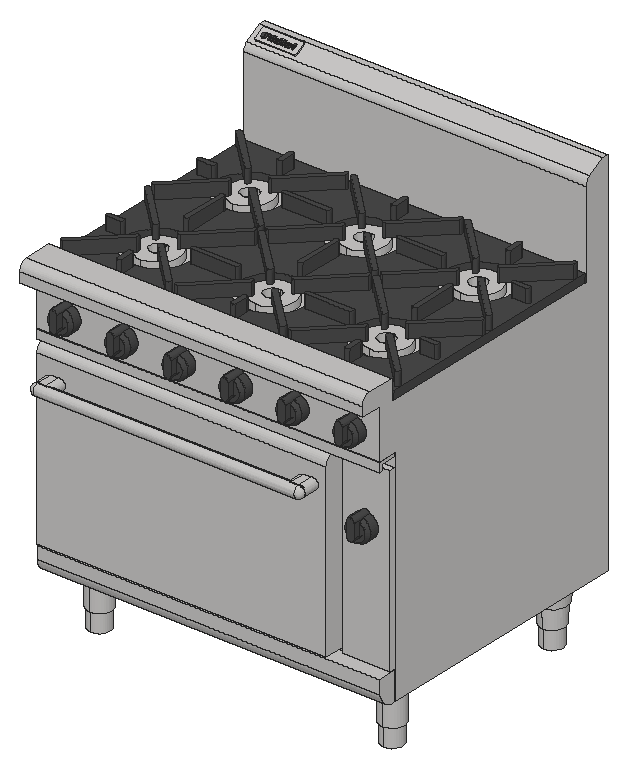
Revit family "QF_MOFFAT WALDORF_RN8610GC", category Specialty Equipment, Revit 2012
Parameters
  Width = 900 mm
  Weight in Pounds = 212
  Watts = 130 W
  Volts = 240 V
  URL Cutsheet = "www.moffat.com"
  URL = "www.moffat.com"
  Type Mark [instance] = ""
  Status [instance] = ""
  Specification by User [instance] = ""
  Specification by Manufacturer = ""
  Show Logo [instance] = yes
  Show Clearance [instance] = yes
  Serial Number = ""
  Seismic Rating = ""
  SMACNA No = ""
  Revision Code [instance] = ""
  Plumbing Remarks = ""
  Plumbing Connection Type [instance] = ""
  Phase = 1
  Omniclass Number and Title = ""
  Number of Poles [instance] = 1
  NAFEM Spec ID Number = ""
  Model = "RN8610GC"
  Min Ckt Ampacity = 0 A
  Mechanical Remarks = ""
  Mechanical Connection Type [instance] = ""
  Max Overcurrent Protection = 0 A
  Masterspec = ""
  Manufacturer = "MOFFAT WALDORF"
  Item Number [instance] = ""
  Installed By [instance] = ""
  Identify Quantity as Lot [instance] = yes
  Height = 1130 mm
  HP = ""
  Gas Size = 3/4"
  Gas RI Height [instance] = 0 mm
  Gas KW [instance] = 55
  Gas Input [instance] = 187668.0 Btu/h
  Gas Connection Height = 0 mm
  Furnished By [instance] = ""
  Foodservice Equipment Identifier [instance] = yes
  FL Amps = 0.6 A
  Electrical Remarks [instance] = ""
  Electric Connection Type [instance] = ""
  Elec Conn RI Height [instance] = 0 mm
  Elec Conn Connection Height [instance] = 0 mm
  Description = "RANGE GAS WITH CONVECTION OVEN"
  Depth = 805 mm
  Cycle = 50 Hz
  Conn Plug = ""
  Conn Conduit = yes
  Cold Water Temperature Recommended = -459.67 °F
  Cold Water Size = 1/2"
  Cold Water RI Height [instance] = 0 mm
  Cold Water Minimum Pressure = 0.00 psi
  Cold Water Maximum Pressure = 0.00 psi
  Cold Water Flow = 0 GPM
  Cold Water Consumption = ""
  Cold Water Connection Height = 0 mm
  CSI MasterFormat = ""
  CSI Master Format = ""
  Body Finish = QF_Finishes_Stainless Steel
  Apparent Power = 0 VA
Reference planes
  plane 1 "BACK": y = 0
  plane 2: z = 0
  plane 3 "LEFT": x = 0
  plane 4 "RIGHT": x = 900
  plane 5 "FRONT": y = -805
  plane 6 "TOP": z = 1130
  plane 7 "Center Y": x = 450
  plane 8 "Center X": y = -402.5
  plane 9: x = 280
  plane 10: y = -574.272
  plane 11: x = 60
  plane 12: y = -304.972
  plane 13: y = -364.972
  plane 14: x = 74
  plane 15: y = -805
  plane 16: x = 834.5
  plane 17: y = -32
  plane 18: z = 655
  plane 19: x = 65.8
Forms (mm)
  Extrusion 1, solid, material "QF_Finishes_Stainless Steel" <- "Body Finish"
    sketch origin (0, 0, 0) x (0, 1, 0) y (0, 0, 1)
      loop
        line (0, 150) -> (0, 1130) -> (-16.5, 1130) -> (-58.709, 1105.631)
        arc (-58.709, 1105.631) -> (-66.975, 1097.365) -> (-70, 1086.074) r 22.582
        line (-70, 1086.074) -> (-70, 861.8) -> (-709, 861.8) -> (-709, 915) -> (-781, 915)
        arc (-781, 915) -> (-797.971, 907.971) -> (-805, 891) r 24
        line (-805, 891) -> (-805, 866) -> (-749, 866) -> (-749, 736.219) -> (-696.73, 736.219) -> (-696.73, 150) -> (0, 150)
      loop
        line (-700.93, 150.071) -> (-700.93, 222.5) -> (-746.73, 222.5) -> (-746.73, 188)
        arc (-746.73, 188) -> (-731.317, 159.995) -> (-700.93, 150.071) r 43.526
      loop
        line (-749, 710) -> (-740.224, 710) -> (-742.613, 726.999) -> (-700.93, 726.999) -> (-700.93, 734.003) -> (-749, 734.003) -> (-749, 710)
    from 0 to 900
  Extrusion 2, solid, material "QF_Finishes_Stainless Steel"
    sketch origin (0, 0, 0) x (0, 1, 0) y (0, 0, 1)
      loop
        line (-699, 700) -> (-725, 700)
        arc (-725, 700) -> (-741.971, 692.971) -> (-749, 676) r 24
        line (-749, 676) -> (-749, 227.5) -> (-699, 227.5) -> (-699, 700)
    from 0 to 760
  Extrusion 3, solid, material "QF_Finishes_Stainless Steel"
    sketch origin (723.5, 0, 0) x (0, 1, 0) y (0, 0, 1)
      loop
        line (-699, 700) -> (-714, 700) -> (-714, 227.5) -> (-699, 227.5) -> (-699, 700)
    from 51.5 to 176.5
  Revolve 4, solid, material "QF_Finishes_Stainless Steel" <- "Body Finish"
    sketch origin (834.5, -165, 0) x (0, 1, 0) y (0, 0, -1)
      loop
        line (33.25, -50) -> (31.418, -102.468) -> (26.406, -102.468) -> (22.247, -150) -> (65, -150) -> (65, 0) -> (37.5, 0) -> (37.5, -50) -> (33.25, -50)
      axis (65, -150) -> (65, 0)
    angle from 0 to 360
  Revolve 5, solid, material "QF_Finishes_Stainless Steel" <- "Body Finish"
    sketch origin (834.5, -696.126, 0) x (0, 1, 0) y (0, 0, -1)
      loop
        line (39.376, -150) -> (71.126, -150) -> (71.126, 0) -> (43.626, 0) -> (43.626, -50) -> (39.376, -50) -> (39.376, -150)
      axis (71.126, -150) -> (71.126, 0)
    angle from 0 to 360
  Revolve 6, solid, material "QF_Finishes_Stainless Steel" <- "Body Finish"
    sketch origin (65.5, -165, 0) x (0, 1, 0) y (0, 0, 1)
      loop
        line (31.418, 102.468) -> (33.25, 50) -> (37.5, 50) -> (37.5, 0) -> (65, 0) -> (65, 150) -> (22.247, 150) -> (26.406, 102.468) -> (31.418, 102.468)
      axis (65, 150) -> (65, 0)
    angle from 0 to 360
  Revolve 7, solid, material "QF_Finishes_Stainless Steel" <- "Body Finish"
    sketch origin (65.5, -696.126, 0) x (0, 1, 0) y (0, 0, 1)
      loop
        line (39.376, 150) -> (39.376, 50) -> (43.626, 50) -> (43.626, 0) -> (71.126, 0) -> (71.126, 150) -> (39.376, 150)
      axis (71.126, 150) -> (71.126, 0)
    angle from 0 to 360
  Extrusion 8, solid, material "QF_Finishes_Stainless Steel"
    sketch origin (-64.5, 0, 325) x (1, 0, 0) y (0, 1, 0)
      loop
        circle (834.5, -32) r 10
    from 330 to 373.5
  Extrusion 9, solid, material "QF_Finishes_Black"
    sketch origin (0, -70, 861.8) x (0, -1, 0) y (1, 0, 0)
      loop
        arc (1, 4) -> (1.879, 1.879) -> (4, 1) r 3
        line (4, 1) -> (631, 1)
        arc (631, 1) -> (633.121, 1.879) -> (634, 4) r 3
        line (634, 4) -> (634, 897)
        arc (634, 897) -> (633.121, 899.121) -> (631, 900) r 3
        line (631, 900) -> (4, 900)
        arc (4, 900) -> (1.879, 899.121) -> (1, 897) r 3
        line (1, 897) -> (1, 4)
      loop
        circle (167.5, 150) r 85
      loop
        circle (167.5, 450) r 85
      loop
        circle (467.768, 150) r 85
      loop
        circle (467.768, 450) r 85
      loop
        circle (167.5, 750) r 85
      loop
        circle (467.768, 750) r 85
    from 0 to 19.5
  Extrusion 10, solid, material "QF_Finishes_Stainless Steel"
    sketch origin (0, -737.874, 150) x (1, 0, 0) y (0, -1, 0)
      loop
        circle (826.5, -237.602) r 10
    from 0 to 4
  Revolve 11, solid, material "QF_Finishes_Black"
    sketch origin (839.351, 38.874, -0.118) x (0, 1, 0) y (0, 0, 1)
      loop
        line (-820.874, 829.5) -> (-831.874, 823.651) -> (-831.874, 797) -> (-787.874, 797) -> (-787.874, 802) -> (-797.874, 802) -> (-797.874, 829.5) -> (-820.874, 829.5)
      axis (-831.874, 797) -> (-787.874, 797)
    angle from 0 to 360
  Revolve 12, solid, material "QF_Finishes_Black"
    sketch origin (689.351, 38.874, -0.118) x (0, 1, 0) y (0, 0, 1)
      loop
        line (-820.874, 829.5) -> (-831.874, 823.651) -> (-831.874, 797) -> (-787.874, 797) -> (-787.874, 802) -> (-797.874, 802) -> (-797.874, 829.5) -> (-820.874, 829.5)
      axis (-831.874, 797) -> (-787.874, 797)
    angle from 0 to 360
  Revolve 13, solid, material "QF_Finishes_Black"
    sketch origin (90.649, 38.874, -0.118) x (0, 1, 0) y (0, 0, -1)
      loop
        line (-820.874, -829.5) -> (-797.874, -829.5) -> (-797.874, -802) -> (-787.874, -802) -> (-787.874, -797) -> (-831.874, -797) -> (-831.874, -823.651) -> (-820.874, -829.5)
      axis (-831.874, -797) -> (-787.874, -797)
    angle from 0 to 360
  Revolve 14, solid, material "QF_Finishes_Black"
    sketch origin (240.649, 38.874, -0.118) x (0, 1, 0) y (0, 0, -1)
      loop
        line (-820.874, -829.5) -> (-797.874, -829.5) -> (-797.874, -802) -> (-787.874, -802) -> (-787.874, -797) -> (-831.874, -797) -> (-831.874, -823.651) -> (-820.874, -829.5)
      axis (-831.874, -797) -> (-787.874, -797)
    angle from 0 to 360
  Revolve 15, solid, material "QF_Finishes_Black"
    sketch origin (390.625, 38.874, -0.118) x (0, 1, 0) y (0, 0, -1)
      loop
        line (-820.874, -829.5) -> (-797.874, -829.5) -> (-797.874, -802) -> (-787.874, -802) -> (-787.874, -797) -> (-831.874, -797) -> (-831.874, -823.651) -> (-820.874, -829.5)
      axis (-831.874, -797) -> (-787.874, -797)
    angle from 0 to 360
  Revolve 16, solid, material "QF_Finishes_Black"
    sketch origin (540.625, 38.874, -0.118) x (0, 1, 0) y (0, 0, -1)
      loop
        line (-820.874, -829.5) -> (-797.874, -829.5) -> (-797.874, -802) -> (-787.874, -802) -> (-787.874, -797) -> (-831.874, -797) -> (-831.874, -823.651) -> (-820.874, -829.5)
      axis (-831.874, -797) -> (-787.874, -797)
    angle from 0 to 360
  Extrusion 17, solid, material "QF_Finishes_Black"
    sketch origin (691.544, 0, -0.118) x (1, 0, 0) y (0, 0, 1)
      loop
        line (158.3, 789) -> (158.3, 824)
        arc (158.3, 824) -> (148.3, 834) -> (138.3, 824) r 10
        line (138.3, 824) -> (138.3, 789)
        arc (138.3, 789) -> (148.3, 779) -> (158.3, 789) r 10
    from 759 to 808
  Extrusion 18, solid, material "QF_Finishes_Black"
    sketch origin (541.544, 0, -0.118) x (1, 0, 0) y (0, 0, 1)
      loop
        line (158.3, 789) -> (158.3, 824)
        arc (158.3, 824) -> (148.3, 834) -> (138.3, 824) r 10
        line (138.3, 824) -> (138.3, 789)
        arc (138.3, 789) -> (148.3, 779) -> (158.3, 789) r 10
    from 759 to 808
  Extrusion 19, solid, material "QF_Finishes_Black"
    sketch origin (238.456, 0, -0.118) x (-1, 0, 0) y (0, 0, -1)
      loop
        arc (158.3, -789) -> (148.3, -779) -> (138.3, -789) r 10
        line (138.3, -789) -> (138.3, -824)
        arc (138.3, -824) -> (148.3, -834) -> (158.3, -824) r 10
        line (158.3, -824) -> (158.3, -789)
    from 759 to 808
  Extrusion 20, solid, material "QF_Finishes_Black"
    sketch origin (388.456, 0, -0.118) x (-1, 0, 0) y (0, 0, -1)
      loop
        arc (158.3, -789) -> (148.3, -779) -> (138.3, -789) r 10
        line (138.3, -789) -> (138.3, -824)
        arc (138.3, -824) -> (148.3, -834) -> (158.3, -824) r 10
        line (158.3, -824) -> (158.3, -789)
    from 759 to 808
  Extrusion 21, solid, material "QF_Finishes_Black"
    sketch origin (538.432, 0, -0.118) x (-1, 0, 0) y (0, 0, -1)
      loop
        arc (158.3, -789) -> (148.3, -779) -> (138.3, -789) r 10
        line (138.3, -789) -> (138.3, -824)
        arc (138.3, -824) -> (148.3, -834) -> (158.3, -824) r 10
        line (158.3, -824) -> (158.3, -789)
    from 759 to 808
  Extrusion 22, solid, material "QF_Finishes_Black"
    sketch origin (688.432, 0, -0.118) x (-1, 0, 0) y (0, 0, -1)
      loop
        arc (158.3, -789) -> (148.3, -779) -> (138.3, -789) r 10
        line (138.3, -789) -> (138.3, -824)
        arc (138.3, -824) -> (148.3, -834) -> (158.3, -824) r 10
        line (158.3, -824) -> (158.3, -789)
    from 759 to 808
  Revolve 23, solid, material "QF_Finishes_Black"
    sketch origin (836.851, 81.374, -245.75) x (0, 1, 0) y (0, 0, 1)
      loop
        line (-820.874, 829.5) -> (-831.874, 823.651) -> (-831.874, 797) -> (-787.874, 797) -> (-787.874, 802) -> (-797.874, 802) -> (-797.874, 829.5) -> (-820.874, 829.5)
      axis (-831.874, 797) -> (-787.874, 797)
    angle from 0 to 360
  Extrusion 24, solid, material "QF_Finishes_Black"
    sketch origin (689.044, 42.5, -245.75) x (1, 0, 0) y (0, 0, 1)
      loop
        line (158.3, 789) -> (158.3, 824)
        arc (158.3, 824) -> (148.3, 834) -> (138.3, 824) r 10
        line (138.3, 824) -> (138.3, 789)
        arc (138.3, 789) -> (148.3, 779) -> (158.3, 789) r 10
    from 759 to 808
  Extrusion 25, solid, material "QF_Door-Drawer Clearances", visible <- "Show Clearance", detail levels coarse
    sketch origin (0, 0, 0) x (0, -1, 0) y (0, 0, 1)
      loop
        line (749, 697.347) -> (749, 227.5) -> (1218.847, 227.5)
        arc (1218.847, 227.5) -> (1081.232, 559.732) -> (749, 697.347) r 469.847
    from 0 to -760
  Extrusion 26, solid, material "QF_Finishes_Black"
    sketch origin (0, -70, 0) x (0, -1, 0) y (1, 0, 0)
      loop
        spline (323.602, 15.153) -> (322.681, 13.924) -> (322.131, 12.47) -> (321.99, 10.89) -> (322.267, 9.292) -> (322.943, 7.786) -> (323.973, 6.473) -> (325.286, 5.443) -> (326.792, 4.767) -> (328.39, 4.49) -> (329.97, 4.631) -> (331.424, 5.181) -> (332.653, 6.102)
        line (332.653, 6.102) -> (440.576, 114.025)
        spline (440.576, 114.025) -> (441.337, 115.095) -> (441.738, 116.399) -> (441.751, 117.851) -> (441.375, 119.35) -> (440.637, 120.795) -> (439.586, 122.086) -> (438.295, 123.137) -> (436.85, 123.875) -> (435.351, 124.251) -> (433.899, 124.238) -> (432.595, 123.837) -> (431.525, 123.076)
        line (431.525, 123.076) -> (323.602, 15.153)
      loop
        line (611.398, 15.153) -> (503.475, 123.076)
        spline (503.475, 123.076) -> (502.405, 123.837) -> (501.101, 124.238) -> (499.649, 124.251) -> (498.15, 123.875) -> (496.705, 123.137) -> (495.414, 122.086) -> (494.363, 120.795) -> (493.625, 119.35) -> (493.249, 117.851) -> (493.262, 116.399) -> (493.663, 115.095) -> (494.424, 114.025)
        line (494.424, 114.025) -> (602.347, 6.102)
        spline (602.347, 6.102) -> (603.416, 5.341) -> (604.721, 4.941) -> (606.172, 4.928) -> (607.671, 5.303) -> (609.116, 6.041) -> (610.408, 7.092) -> (611.459, 8.384) -> (612.197, 9.829) -> (612.572, 11.328) -> (612.559, 12.779) -> (612.159, 14.084) -> (611.398, 15.153)
      loop
        spline (375.602, 143.6) -> (376.896, 143.818) -> (378.102, 144.457) -> (379.138, 145.475) -> (379.932, 146.8) -> (380.432, 148.344) -> (380.602, 150) -> (380.432, 151.656) -> (379.932, 153.2) -> (379.138, 154.525) -> (378.102, 155.543) -> (376.896, 156.182) -> (375.602, 156.4)
        line (375.602, 156.4) -> (259.398, 156.4)
        spline (259.398, 156.4) -> (258.104, 156.182) -> (256.898, 155.543) -> (255.862, 154.525) -> (255.068, 153.2) -> (254.568, 151.656) -> (254.398, 150) -> (254.568, 148.344) -> (255.068, 146.8) -> (255.862, 145.475) -> (256.898, 144.457) -> (258.104, 143.818) -> (259.398, 143.6)
        line (259.398, 143.6) -> (375.602, 143.6)
      loop
        spline (23.602, 15.153) -> (22.681, 13.924) -> (22.131, 12.47) -> (21.99, 10.89) -> (22.267, 9.292) -> (22.943, 7.786) -> (23.973, 6.473) -> (25.286, 5.443) -> (26.792, 4.767) -> (28.39, 4.49) -> (29.97, 4.631) -> (31.424, 5.181) -> (32.653, 6.102)
        line (32.653, 6.102) -> (140.576, 114.025)
        spline (140.576, 114.025) -> (141.337, 115.095) -> (141.738, 116.399) -> (141.751, 117.851) -> (141.375, 119.35) -> (140.637, 120.795) -> (139.586, 122.086) -> (138.295, 123.137) -> (136.85, 123.875) -> (135.351, 124.251) -> (133.899, 124.238) -> (132.595, 123.837) -> (131.525, 123.076)
        line (131.525, 123.076) -> (23.602, 15.153)
      loop
        line (311.398, 15.153) -> (203.475, 123.076)
        spline (203.475, 123.076) -> (202.405, 123.837) -> (201.101, 124.238) -> (199.649, 124.251) -> (198.15, 123.875) -> (196.705, 123.137) -> (195.414, 122.086) -> (194.363, 120.795) -> (193.625, 119.35) -> (193.249, 117.851) -> (193.262, 116.399) -> (193.663, 115.095) -> (194.424, 114.025)
        line (194.424, 114.025) -> (302.347, 6.102)
        spline (302.347, 6.102) -> (303.416, 5.341) -> (304.721, 4.941) -> (306.172, 4.928) -> (307.671, 5.303) -> (309.116, 6.041) -> (310.408, 7.092) -> (311.459, 8.384) -> (312.197, 9.829) -> (312.572, 11.328) -> (312.559, 12.779) -> (312.159, 14.084) -> (311.398, 15.153)
      loop
        line (323.602, 284.847) -> (431.525, 176.924)
        spline (431.525, 176.924) -> (432.595, 176.163) -> (433.899, 175.762) -> (435.351, 175.749) -> (436.85, 176.125) -> (438.295, 176.863) -> (439.586, 177.914) -> (440.637, 179.205) -> (441.375, 180.65) -> (441.751, 182.149) -> (441.738, 183.601) -> (441.337, 184.905) -> (440.576, 185.975)
        line (440.576, 185.975) -> (332.653, 293.898)
        spline (332.653, 293.898) -> (331.424, 294.819) -> (329.97, 295.369) -> (328.39, 295.51) -> (326.792, 295.233) -> (325.286, 294.557) -> (323.973, 293.527) -> (322.943, 292.214) -> (322.267, 290.708) -> (321.99, 289.11) -> (322.131, 287.53) -> (322.681, 286.076) -> (323.602, 284.847)
      loop
        spline (611.398, 284.847) -> (612.159, 285.916) -> (612.559, 287.221) -> (612.572, 288.672) -> (612.197, 290.171) -> (611.459, 291.616) -> (610.408, 292.908) -> (609.116, 293.959) -> (607.671, 294.697) -> (606.172, 295.072) -> (604.721, 295.059) -> (603.416, 294.659) -> (602.347, 293.898)
        line (602.347, 293.898) -> (494.424, 185.975)
        spline (494.424, 185.975) -> (493.663, 184.905) -> (493.262, 183.601) -> (493.249, 182.149) -> (493.625, 180.65) -> (494.363, 179.205) -> (495.414, 177.914) -> (496.705, 176.863) -> (498.15, 176.125) -> (499.649, 175.749) -> (501.101, 175.762) -> (502.405, 176.163) -> (503.475, 176.924)
        line (503.475, 176.924) -> (611.398, 284.847)
      loop
        spline (461.1, 241.898) -> (461.318, 240.604) -> (461.957, 239.398) -> (462.975, 238.362) -> (464.3, 237.568) -> (465.844, 237.068) -> (467.5, 236.898) -> (469.156, 237.068) -> (470.7, 237.568) -> (472.025, 238.362) -> (473.043, 239.398) -> (473.682, 240.604) -> (473.9, 241.898)
        line (473.9, 241.898) -> (473.9, 358.102)
        spline (473.9, 358.102) -> (473.682, 359.396) -> (473.043, 360.602) -> (472.025, 361.638) -> (470.7, 362.432) -> (469.156, 362.932) -> (467.5, 363.102) -> (465.844, 362.932) -> (464.3, 362.432) -> (462.975, 361.638) -> (461.957, 360.602) -> (461.318, 359.396) -> (461.1, 358.102)
        line (461.1, 358.102) -> (461.1, 241.898)
      loop
        line (23.602, 284.847) -> (131.525, 176.924)
        spline (131.525, 176.924) -> (132.595, 176.163) -> (133.899, 175.762) -> (135.351, 175.749) -> (136.85, 176.125) -> (138.295, 176.863) -> (139.586, 177.914) -> (140.637, 179.205) -> (141.375, 180.65) -> (141.751, 182.149) -> (141.738, 183.601) -> (141.337, 184.905) -> (140.576, 185.975)
        line (140.576, 185.975) -> (32.653, 293.898)
        spline (32.653, 293.898) -> (31.424, 294.819) -> (29.97, 295.369) -> (28.39, 295.51) -> (26.792, 295.233) -> (25.286, 294.557) -> (23.973, 293.527) -> (22.943, 292.214) -> (22.267, 290.708) -> (21.99, 289.11) -> (22.131, 287.53) -> (22.681, 286.076) -> (23.602, 284.847)
      loop
        spline (311.398, 284.847) -> (312.159, 285.916) -> (312.559, 287.221) -> (312.572, 288.672) -> (312.197, 290.171) -> (311.459, 291.616) -> (310.408, 292.908) -> (309.116, 293.959) -> (307.671, 294.697) -> (306.172, 295.072) -> (304.721, 295.059) -> (303.416, 294.659) -> (302.347, 293.898)
        line (302.347, 293.898) -> (194.424, 185.975)
        spline (194.424, 185.975) -> (193.663, 184.905) -> (193.262, 183.601) -> (193.249, 182.149) -> (193.625, 180.65) -> (194.363, 179.205) -> (195.414, 177.914) -> (196.705, 176.863) -> (198.15, 176.125) -> (199.649, 175.749) -> (201.101, 175.762) -> (202.405, 176.163) -> (203.475, 176.924)
        line (203.475, 176.924) -> (311.398, 284.847)
      loop
        spline (161.1, 241.898) -> (161.318, 240.604) -> (161.957, 239.398) -> (162.975, 238.362) -> (164.3, 237.568) -> (165.844, 237.068) -> (167.5, 236.898) -> (169.156, 237.068) -> (170.7, 237.568) -> (172.025, 238.362) -> (173.043, 239.398) -> (173.682, 240.604) -> (173.9, 241.898)
        line (173.9, 241.898) -> (173.9, 358.102)
        spline (173.9, 358.102) -> (173.682, 359.396) -> (173.043, 360.602) -> (172.025, 361.638) -> (170.7, 362.432) -> (169.156, 362.932) -> (167.5, 363.102) -> (165.844, 362.932) -> (164.3, 362.432) -> (162.975, 361.638) -> (161.957, 360.602) -> (161.318, 359.396) -> (161.1, 358.102)
        line (161.1, 358.102) -> (161.1, 241.898)
      loop
        line (375.602, 456.4) -> (259.398, 456.4)
        spline (259.398, 456.4) -> (258.104, 456.182) -> (256.898, 455.543) -> (255.862, 454.525) -> (255.068, 453.2) -> (254.568, 451.656) -> (254.398, 450) -> (254.568, 448.344) -> (255.068, 446.8) -> (255.862, 445.475) -> (256.898, 444.457) -> (258.104, 443.818) -> (259.398, 443.6)
        line (259.398, 443.6) -> (375.602, 443.6)
        spline (375.602, 443.6) -> (376.896, 443.818) -> (378.102, 444.457) -> (379.138, 445.475) -> (379.932, 446.8) -> (380.432, 448.344) -> (380.602, 450) -> (380.432, 451.656) -> (379.932, 453.2) -> (379.138, 454.525) -> (378.102, 455.543) -> (376.896, 456.182) -> (375.602, 456.4)
      loop
        spline (323.602, 315.153) -> (322.681, 313.924) -> (322.131, 312.47) -> (321.99, 310.89) -> (322.267, 309.292) -> (322.943, 307.786) -> (323.973, 306.473) -> (325.286, 305.443) -> (326.792, 304.767) -> (328.39, 304.49) -> (329.97, 304.631) -> (331.424, 305.181) -> (332.653, 306.102)
        line (332.653, 306.102) -> (440.576, 414.025)
        spline (440.576, 414.025) -> (441.337, 415.095) -> (441.738, 416.399) -> (441.751, 417.851) -> (441.375, 419.35) -> (440.637, 420.795) -> (439.586, 422.086) -> (438.295, 423.137) -> (436.85, 423.875) -> (435.351, 424.251) -> (433.899, 424.238) -> (432.595, 423.837) -> (431.525, 423.076)
        line (431.525, 423.076) -> (323.602, 315.153)
      loop
        line (611.398, 315.153) -> (503.475, 423.076)
        spline (503.475, 423.076) -> (502.405, 423.837) -> (501.101, 424.238) -> (499.649, 424.251) -> (498.15, 423.875) -> (496.705, 423.137) -> (495.414, 422.086) -> (494.363, 420.795) -> (493.625, 419.35) -> (493.249, 417.851) -> (493.262, 416.399) -> (493.663, 415.095) -> (494.424, 414.025)
        line (494.424, 414.025) -> (602.347, 306.102)
        spline (602.347, 306.102) -> (603.416, 305.341) -> (604.721, 304.941) -> (606.172, 304.928) -> (607.671, 305.303) -> (609.116, 306.041) -> (610.408, 307.092) -> (611.459, 308.384) -> (612.197, 309.829) -> (612.572, 311.328) -> (612.559, 312.779) -> (612.159, 314.084) -> (611.398, 315.153)
      loop
        spline (23.602, 315.153) -> (22.681, 313.924) -> (22.131, 312.47) -> (21.99, 310.89) -> (22.267, 309.292) -> (22.943, 307.786) -> (23.973, 306.473) -> (25.286, 305.443) -> (26.792, 304.767) -> (28.39, 304.49) -> (29.97, 304.631) -> (31.424, 305.181) -> (32.653, 306.102)
        line (32.653, 306.102) -> (140.576, 414.025)
        spline (140.576, 414.025) -> (141.337, 415.095) -> (141.738, 416.399) -> (141.751, 417.851) -> (141.375, 419.35) -> (140.637, 420.795) -> (139.586, 422.086) -> (138.295, 423.137) -> (136.85, 423.875) -> (135.351, 424.251) -> (133.899, 424.238) -> (132.595, 423.837) -> (131.525, 423.076)
        line (131.525, 423.076) -> (23.602, 315.153)
      loop
        line (311.398, 315.153) -> (203.475, 423.076)
        spline (203.475, 423.076) -> (202.405, 423.837) -> (201.101, 424.238) -> (199.649, 424.251) -> (198.15, 423.875) -> (196.705, 423.137) -> (195.414, 422.086) -> (194.363, 420.795) -> (193.625, 419.35) -> (193.249, 417.851) -> (193.262, 416.399) -> (193.663, 415.095) -> (194.424, 414.025)
        line (194.424, 414.025) -> (302.347, 306.102)
        spline (302.347, 306.102) -> (303.416, 305.341) -> (304.721, 304.941) -> (306.172, 304.928) -> (307.671, 305.303) -> (309.116, 306.041) -> (310.408, 307.092) -> (311.459, 308.384) -> (312.197, 309.829) -> (312.572, 311.328) -> (312.559, 312.779) -> (312.159, 314.084) -> (311.398, 315.153)
      loop
        line (323.602, 584.847) -> (431.525, 476.924)
        spline (431.525, 476.924) -> (432.595, 476.163) -> (433.899, 475.762) -> (435.351, 475.749) -> (436.85, 476.125) -> (438.295, 476.863) -> (439.586, 477.914) -> (440.637, 479.205) -> (441.375, 480.65) -> (441.751, 482.149) -> (441.738, 483.601) -> (441.337, 484.905) -> (440.576, 485.975)
        line (440.576, 485.975) -> (332.653, 593.898)
        spline (332.653, 593.898) -> (331.424, 594.819) -> (329.97, 595.369) -> (328.39, 595.51) -> (326.792, 595.233) -> (325.286, 594.557) -> (323.973, 593.527) -> (322.943, 592.214) -> (322.267, 590.708) -> (321.99, 589.11) -> (322.131, 587.53) -> (322.681, 586.076) -> (323.602, 584.847)
      loop
        spline (611.398, 584.847) -> (612.159, 585.916) -> (612.559, 587.221) -> (612.572, 588.672) -> (612.197, 590.171) -> (611.459, 591.616) -> (610.408, 592.908) -> (609.116, 593.959) -> (607.671, 594.697) -> (606.172, 595.072) -> (604.721, 595.059) -> (603.416, 594.659) -> (602.347, 593.898)
        line (602.347, 593.898) -> (494.424, 485.975)
        spline (494.424, 485.975) -> (493.663, 484.905) -> (493.262, 483.601) -> (493.249, 482.149) -> (493.625, 480.65) -> (494.363, 479.205) -> (495.414, 477.914) -> (496.705, 476.863) -> (498.15, 476.125) -> (499.649, 475.749) -> (501.101, 475.762) -> (502.405, 476.163) -> (503.475, 476.924)
        line (503.475, 476.924) -> (611.398, 584.847)
      loop
        line (23.602, 584.847) -> (131.525, 476.924)
        spline (131.525, 476.924) -> (132.595, 476.163) -> (133.899, 475.762) -> (135.351, 475.749) -> (136.85, 476.125) -> (138.295, 476.863) -> (139.586, 477.914) -> (140.637, 479.205) -> (141.375, 480.65) -> (141.751, 482.149) -> (141.738, 483.601) -> (141.337, 484.905) -> (140.576, 485.975)
        line (140.576, 485.975) -> (32.653, 593.898)
        spline (32.653, 593.898) -> (31.424, 594.819) -> (29.97, 595.369) -> (28.39, 595.51) -> (26.792, 595.233) -> (25.286, 594.557) -> (23.973, 593.527) -> (22.943, 592.214) -> (22.267, 590.708) -> (21.99, 589.11) -> (22.131, 587.53) -> (22.681, 586.076) -> (23.602, 584.847)
      loop
        spline (311.398, 584.847) -> (312.159, 585.916) -> (312.559, 587.221) -> (312.572, 588.672) -> (312.197, 590.171) -> (311.459, 591.616) -> (310.408, 592.908) -> (309.116, 593.959) -> (307.671, 594.697) -> (306.172, 595.072) -> (304.721, 595.059) -> (303.416, 594.659) -> (302.347, 593.898)
        line (302.347, 593.898) -> (194.424, 485.975)
        spline (194.424, 485.975) -> (193.663, 484.905) -> (193.262, 483.601) -> (193.249, 482.149) -> (193.625, 480.65) -> (194.363, 479.205) -> (195.414, 477.914) -> (196.705, 476.863) -> (198.15, 476.125) -> (199.649, 475.749) -> (201.101, 475.762) -> (202.405, 476.163) -> (203.475, 476.924)
        line (203.475, 476.924) -> (311.398, 584.847)
      loop
        spline (461.1, 541.898) -> (461.318, 540.604) -> (461.957, 539.398) -> (462.975, 538.362) -> (464.3, 537.568) -> (465.844, 537.068) -> (467.5, 536.898) -> (469.156, 537.068) -> (470.7, 537.568) -> (472.025, 538.362) -> (473.043, 539.398) -> (473.682, 540.604) -> (473.9, 541.898)
        line (473.9, 541.898) -> (473.9, 658.102)
        spline (473.9, 658.102) -> (473.682, 659.396) -> (473.043, 660.602) -> (472.025, 661.638) -> (470.7, 662.432) -> (469.156, 662.932) -> (467.5, 663.102) -> (465.844, 662.932) -> (464.3, 662.432) -> (462.975, 661.638) -> (461.957, 660.602) -> (461.318, 659.396) -> (461.1, 658.102)
        line (461.1, 658.102) -> (461.1, 541.898)
      loop
        spline (161.1, 541.898) -> (161.318, 540.604) -> (161.957, 539.398) -> (162.975, 538.362) -> (164.3, 537.568) -> (165.844, 537.068) -> (167.5, 536.898) -> (169.156, 537.068) -> (170.7, 537.568) -> (172.025, 538.362) -> (173.043, 539.398) -> (173.682, 540.604) -> (173.9, 541.898)
        line (173.9, 541.898) -> (173.9, 658.102)
        spline (173.9, 658.102) -> (173.682, 659.396) -> (173.043, 660.602) -> (172.025, 661.638) -> (170.7, 662.432) -> (169.156, 662.932) -> (167.5, 663.102) -> (165.844, 662.932) -> (164.3, 662.432) -> (162.975, 661.638) -> (161.957, 660.602) -> (161.318, 659.396) -> (161.1, 658.102)
        line (161.1, 658.102) -> (161.1, 541.898)
      loop
        line (375.602, 756.4) -> (259.398, 756.4)
        spline (259.398, 756.4) -> (258.104, 756.182) -> (256.898, 755.543) -> (255.862, 754.525) -> (255.068, 753.2) -> (254.568, 751.656) -> (254.398, 750) -> (254.568, 748.344) -> (255.068, 746.8) -> (255.862, 745.475) -> (256.898, 744.457) -> (258.104, 743.818) -> (259.398, 743.6)
        line (259.398, 743.6) -> (375.602, 743.6)
        spline (375.602, 743.6) -> (376.896, 743.818) -> (378.102, 744.457) -> (379.138, 745.475) -> (379.932, 746.8) -> (380.432, 748.344) -> (380.602, 750) -> (380.432, 751.656) -> (379.932, 753.2) -> (379.138, 754.525) -> (378.102, 755.543) -> (376.896, 756.182) -> (375.602, 756.4)
      loop
        spline (323.602, 615.153) -> (322.681, 613.924) -> (322.131, 612.47) -> (321.99, 610.89) -> (322.267, 609.292) -> (322.943, 607.786) -> (323.973, 606.473) -> (325.286, 605.443) -> (326.792, 604.767) -> (328.39, 604.49) -> (329.97, 604.631) -> (331.424, 605.181) -> (332.653, 606.102)
        line (332.653, 606.102) -> (440.576, 714.025)
        spline (440.576, 714.025) -> (441.337, 715.095) -> (441.738, 716.399) -> (441.751, 717.851) -> (441.375, 719.35) -> (440.637, 720.795) -> (439.586, 722.086) -> (438.295, 723.137) -> (436.85, 723.875) -> (435.351, 724.251) -> (433.899, 724.238) -> (432.595, 723.837) -> (431.525, 723.076)
        line (431.525, 723.076) -> (323.602, 615.153)
      loop
        line (611.398, 615.153) -> (503.475, 723.076)
        spline (503.475, 723.076) -> (502.405, 723.837) -> (501.101, 724.238) -> (499.649, 724.251) -> (498.15, 723.875) -> (496.705, 723.137) -> (495.414, 722.086) -> (494.363, 720.795) -> (493.625, 719.35) -> (493.249, 717.851) -> (493.262, 716.399) -> (493.663, 715.095) -> (494.424, 714.025)
        line (494.424, 714.025) -> (602.347, 606.102)
        spline (602.347, 606.102) -> (603.416, 605.341) -> (604.721, 604.941) -> (606.172, 604.928) -> (607.671, 605.303) -> (609.116, 606.041) -> (610.408, 607.092) -> (611.459, 608.384) -> (612.197, 609.829) -> (612.572, 611.328) -> (612.559, 612.779) -> (612.159, 614.084) -> (611.398, 615.153)
      loop
        spline (23.602, 615.153) -> (22.681, 613.924) -> (22.131, 612.47) -> (21.99, 610.89) -> (22.267, 609.292) -> (22.943, 607.786) -> (23.973, 606.473) -> (25.286, 605.443) -> (26.792, 604.767) -> (28.39, 604.49) -> (29.97, 604.631) -> (31.424, 605.181) -> (32.653, 606.102)
        line (32.653, 606.102) -> (140.576, 714.025)
        spline (140.576, 714.025) -> (141.337, 715.095) -> (141.738, 716.399) -> (141.751, 717.851) -> (141.375, 719.35) -> (140.637, 720.795) -> (139.586, 722.086) -> (138.295, 723.137) -> (136.85, 723.875) -> (135.351, 724.251) -> (133.899, 724.238) -> (132.595, 723.837) -> (131.525, 723.076)
        line (131.525, 723.076) -> (23.602, 615.153)
      loop
        line (311.398, 615.153) -> (203.475, 723.076)
        spline (203.475, 723.076) -> (202.405, 723.837) -> (201.101, 724.238) -> (199.649, 724.251) -> (198.15, 723.875) -> (196.705, 723.137) -> (195.414, 722.086) -> (194.363, 720.795) -> (193.625, 719.35) -> (193.249, 717.851) -> (193.262, 716.399) -> (193.663, 715.095) -> (194.424, 714.025)
        line (194.424, 714.025) -> (302.347, 606.102)
        spline (302.347, 606.102) -> (303.416, 605.341) -> (304.721, 604.941) -> (306.172, 604.928) -> (307.671, 605.303) -> (309.116, 606.041) -> (310.408, 607.092) -> (311.459, 608.384) -> (312.197, 609.829) -> (312.572, 611.328) -> (312.559, 612.779) -> (312.159, 614.084) -> (311.398, 615.153)
      loop
        line (323.602, 884.847) -> (431.525, 776.924)
        spline (431.525, 776.924) -> (432.595, 776.163) -> (433.899, 775.762) -> (435.351, 775.749) -> (436.85, 776.125) -> (438.295, 776.863) -> (439.586, 777.914) -> (440.637, 779.205) -> (441.375, 780.65) -> (441.751, 782.149) -> (441.738, 783.601) -> (441.337, 784.905) -> (440.576, 785.975)
        line (440.576, 785.975) -> (332.653, 893.898)
        spline (332.653, 893.898) -> (331.424, 894.819) -> (329.97, 895.369) -> (328.39, 895.51) -> (326.792, 895.233) -> (325.286, 894.557) -> (323.973, 893.527) -> (322.943, 892.214) -> (322.267, 890.708) -> (321.99, 889.11) -> (322.131, 887.53) -> (322.681, 886.076) -> (323.602, 884.847)
      loop
        spline (611.398, 884.847) -> (612.159, 885.916) -> (612.559, 887.221) -> (612.572, 888.672) -> (612.197, 890.171) -> (611.459, 891.616) -> (610.408, 892.908) -> (609.116, 893.959) -> (607.671, 894.697) -> (606.172, 895.072) -> (604.721, 895.059) -> (603.416, 894.659) -> (602.347, 893.898)
        line (602.347, 893.898) -> (494.424, 785.975)
        spline (494.424, 785.975) -> (493.663, 784.905) -> (493.262, 783.601) -> (493.249, 782.149) -> (493.625, 780.65) -> (494.363, 779.205) -> (495.414, 777.914) -> (496.705, 776.863) -> (498.15, 776.125) -> (499.649, 775.749) -> (501.101, 775.762) -> (502.405, 776.163) -> (503.475, 776.924)
        line (503.475, 776.924) -> (611.398, 884.847)
      loop
        line (23.602, 884.847) -> (131.525, 776.924)
        spline (131.525, 776.924) -> (132.595, 776.163) -> (133.899, 775.762) -> (135.351, 775.749) -> (136.85, 776.125) -> (138.295, 776.863) -> (139.586, 777.914) -> (140.637, 779.205) -> (141.375, 780.65) -> (141.751, 782.149) -> (141.738, 783.601) -> (141.337, 784.905) -> (140.576, 785.975)
        line (140.576, 785.975) -> (32.653, 893.898)
        spline (32.653, 893.898) -> (31.424, 894.819) -> (29.97, 895.369) -> (28.39, 895.51) -> (26.792, 895.233) -> (25.286, 894.557) -> (23.973, 893.527) -> (22.943, 892.214) -> (22.267, 890.708) -> (21.99, 889.11) -> (22.131, 887.53) -> (22.681, 886.076) -> (23.602, 884.847)
      loop
        spline (311.398, 884.847) -> (312.159, 885.916) -> (312.559, 887.221) -> (312.572, 888.672) -> (312.197, 890.171) -> (311.459, 891.616) -> (310.408, 892.908) -> (309.116, 893.959) -> (307.671, 894.697) -> (306.172, 895.072) -> (304.721, 895.059) -> (303.416, 894.659) -> (302.347, 893.898)
        line (302.347, 893.898) -> (194.424, 785.975)
        spline (194.424, 785.975) -> (193.663, 784.905) -> (193.262, 783.601) -> (193.249, 782.149) -> (193.625, 780.65) -> (194.363, 779.205) -> (195.414, 777.914) -> (196.705, 776.863) -> (198.15, 776.125) -> (199.649, 775.749) -> (201.101, 775.762) -> (202.405, 776.163) -> (203.475, 776.924)
        line (203.475, 776.924) -> (311.398, 884.847)
      loop
        spline (461.1, 19.118) -> (461.318, 17.824) -> (461.957, 16.618) -> (462.975, 15.582) -> (464.3, 14.788) -> (465.844, 14.288) -> (467.5, 14.118) -> (469.156, 14.288) -> (470.7, 14.788) -> (472.025, 15.582) -> (473.043, 16.618) -> (473.682, 17.824) -> (473.9, 19.118)
        line (473.9, 19.118) -> (473.9, 55.322)
        spline (473.9, 55.322) -> (473.682, 56.616) -> (473.043, 57.822) -> (472.025, 58.858) -> (470.7, 59.652) -> (469.156, 60.152) -> (467.5, 60.322) -> (465.844, 60.152) -> (464.3, 59.652) -> (462.975, 58.858) -> (461.957, 57.822) -> (461.318, 56.616) -> (461.1, 55.322)
        line (461.1, 55.322) -> (461.1, 19.118)
      loop
        spline (161.1, 19.118) -> (161.318, 17.824) -> (161.957, 16.618) -> (162.975, 15.582) -> (164.3, 14.788) -> (165.844, 14.288) -> (167.5, 14.118) -> (169.156, 14.288) -> (170.7, 14.788) -> (172.025, 15.582) -> (173.043, 16.618) -> (173.682, 17.824) -> (173.9, 19.118)
        line (173.9, 19.118) -> (173.9, 55.322)
        spline (173.9, 55.322) -> (173.682, 56.616) -> (173.043, 57.822) -> (172.025, 58.858) -> (170.7, 59.652) -> (169.156, 60.152) -> (167.5, 60.322) -> (165.844, 60.152) -> (164.3, 59.652) -> (162.975, 58.858) -> (161.957, 57.822) -> (161.318, 56.616) -> (161.1, 55.322)
        line (161.1, 55.322) -> (161.1, 19.118)
      loop
        spline (461.1, 844.678) -> (461.318, 843.384) -> (461.957, 842.178) -> (462.975, 841.142) -> (464.3, 840.348) -> (465.844, 839.848) -> (467.5, 839.678) -> (469.156, 839.848) -> (470.7, 840.348) -> (472.025, 841.142) -> (473.043, 842.178) -> (473.682, 843.384) -> (473.9, 844.678)
        line (473.9, 844.678) -> (473.9, 880.882)
        spline (473.9, 880.882) -> (473.682, 882.176) -> (473.043, 883.382) -> (472.025, 884.418) -> (470.7, 885.212) -> (469.156, 885.712) -> (467.5, 885.882) -> (465.844, 885.712) -> (464.3, 885.212) -> (462.975, 884.418) -> (461.957, 883.382) -> (461.318, 882.176) -> (461.1, 880.882)
        line (461.1, 880.882) -> (461.1, 844.678)
      loop
        spline (161.1, 844.678) -> (161.318, 843.384) -> (161.957, 842.178) -> (162.975, 841.142) -> (164.3, 840.348) -> (165.844, 839.848) -> (167.5, 839.678) -> (169.156, 839.848) -> (170.7, 840.348) -> (172.025, 841.142) -> (173.043, 842.178) -> (173.682, 843.384) -> (173.9, 844.678)
        line (173.9, 844.678) -> (173.9, 880.882)
        spline (173.9, 880.882) -> (173.682, 882.176) -> (173.043, 883.382) -> (172.025, 884.418) -> (170.7, 885.212) -> (169.156, 885.712) -> (167.5, 885.882) -> (165.844, 885.712) -> (164.3, 885.212) -> (162.975, 884.418) -> (161.957, 883.382) -> (161.318, 882.176) -> (161.1, 880.882)
        line (161.1, 880.882) -> (161.1, 844.678)
      loop
        spline (68.743, 743.565) -> (70.037, 743.783) -> (71.243, 744.423) -> (72.279, 745.44) -> (73.073, 746.765) -> (73.573, 748.309) -> (73.743, 749.965) -> (73.573, 751.622) -> (73.073, 753.165) -> (72.279, 754.491) -> (71.243, 755.508) -> (70.037, 756.147) -> (68.743, 756.365)
        line (68.743, 756.365) -> (32.539, 756.365)
        spline (32.539, 756.365) -> (31.245, 756.147) -> (30.039, 755.508) -> (29.003, 754.491) -> (28.209, 753.165) -> (27.709, 751.622) -> (27.539, 749.965) -> (27.709, 748.309) -> (28.209, 746.765) -> (29.003, 745.44) -> (30.039, 744.423) -> (31.245, 743.783) -> (32.539, 743.565)
        line (32.539, 743.565) -> (68.743, 743.565)
      loop
        spline (68.743, 443.565) -> (70.037, 443.783) -> (71.243, 444.423) -> (72.279, 445.44) -> (73.073, 446.765) -> (73.573, 448.309) -> (73.743, 449.965) -> (73.573, 451.622) -> (73.073, 453.165) -> (72.279, 454.491) -> (71.243, 455.508) -> (70.037, 456.147) -> (68.743, 456.365)
        line (68.743, 456.365) -> (32.539, 456.365)
        spline (32.539, 456.365) -> (31.245, 456.147) -> (30.039, 455.508) -> (29.003, 454.491) -> (28.209, 453.165) -> (27.709, 451.622) -> (27.539, 449.965) -> (27.709, 448.309) -> (28.209, 446.765) -> (29.003, 445.44) -> (30.039, 444.423) -> (31.245, 443.783) -> (32.539, 443.565)
        line (32.539, 443.565) -> (68.743, 443.565)
      loop
        spline (68.743, 143.565) -> (70.037, 143.783) -> (71.243, 144.423) -> (72.279, 145.44) -> (73.073, 146.765) -> (73.573, 148.309) -> (73.743, 149.965) -> (73.573, 151.622) -> (73.073, 153.165) -> (72.279, 154.491) -> (71.243, 155.508) -> (70.037, 156.147) -> (68.743, 156.365)
        line (68.743, 156.365) -> (32.539, 156.365)
        spline (32.539, 156.365) -> (31.245, 156.147) -> (30.039, 155.508) -> (29.003, 154.491) -> (28.209, 153.165) -> (27.709, 151.622) -> (27.539, 149.965) -> (27.709, 148.309) -> (28.209, 146.765) -> (29.003, 145.44) -> (30.039, 144.423) -> (31.245, 143.783) -> (32.539, 143.565)
        line (32.539, 143.565) -> (68.743, 143.565)
      loop
        spline (596.243, 743.565) -> (597.537, 743.783) -> (598.743, 744.423) -> (599.779, 745.44) -> (600.573, 746.765) -> (601.073, 748.309) -> (601.243, 749.965) -> (601.073, 751.622) -> (600.573, 753.165) -> (599.779, 754.491) -> (598.743, 755.508) -> (597.537, 756.147) -> (596.243, 756.365)
        line (596.243, 756.365) -> (560.039, 756.365)
        spline (560.039, 756.365) -> (558.745, 756.147) -> (557.539, 755.508) -> (556.503, 754.491) -> (555.709, 753.165) -> (555.209, 751.622) -> (555.039, 749.965) -> (555.209, 748.309) -> (555.709, 746.765) -> (556.503, 745.44) -> (557.539, 744.423) -> (558.745, 743.783) -> (560.039, 743.565)
        line (560.039, 743.565) -> (596.243, 743.565)
      loop
        spline (596.243, 443.565) -> (597.537, 443.783) -> (598.743, 444.423) -> (599.779, 445.44) -> (600.573, 446.765) -> (601.073, 448.309) -> (601.243, 449.965) -> (601.073, 451.622) -> (600.573, 453.165) -> (599.779, 454.491) -> (598.743, 455.508) -> (597.537, 456.147) -> (596.243, 456.365)
        line (596.243, 456.365) -> (560.039, 456.365)
        spline (560.039, 456.365) -> (558.745, 456.147) -> (557.539, 455.508) -> (556.503, 454.491) -> (555.709, 453.165) -> (555.209, 451.622) -> (555.039, 449.965) -> (555.209, 448.309) -> (555.709, 446.765) -> (556.503, 445.44) -> (557.539, 444.423) -> (558.745, 443.783) -> (560.039, 443.565)
        line (560.039, 443.565) -> (596.243, 443.565)
      loop
        spline (596.243, 143.565) -> (597.537, 143.783) -> (598.743, 144.423) -> (599.779, 145.44) -> (600.573, 146.765) -> (601.073, 148.309) -> (601.243, 149.965) -> (601.073, 151.622) -> (600.573, 153.165) -> (599.779, 154.491) -> (598.743, 155.508) -> (597.537, 156.147) -> (596.243, 156.365)
        line (596.243, 156.365) -> (560.039, 156.365)
        spline (560.039, 156.365) -> (558.745, 156.147) -> (557.539, 155.508) -> (556.503, 154.491) -> (555.709, 153.165) -> (555.209, 151.622) -> (555.039, 149.965) -> (555.209, 148.309) -> (555.709, 146.765) -> (556.503, 145.44) -> (557.539, 144.423) -> (558.745, 143.783) -> (560.039, 143.565)
        line (560.039, 143.565) -> (596.243, 143.565)
    from 881.3 to 915
  Extrusion 27, void
    sketch origin (0, 0, 222.5) x (1, 0, 0) y (0, 1, 0)
      loop
        line (824, -87) -> (824, 0) -> (694, 0) -> (694, -39) -> (744, -87) -> (824, -87)
    from 0 to 476
  Extrusion 28, solid, material "QF_Finishes_Stainless Steel"
    sketch origin (0, -70, 861.8) x (0, -1, 0) y (1, 0, 0)
      loop
        circle (167.5, 450) r 57
      loop
        circle (467.5, 450) r 57
      loop
        circle (467.5, 150) r 57
      loop
        circle (167.5, 150) r 57
      loop
        circle (467.5, 750) r 57
      loop
        circle (167.5, 750) r 57
      loop
        circle (167.5, 150) r 22
      loop
        circle (167.5, 450) r 22
      loop
        circle (167.5, 750) r 22
      loop
        circle (467.5, 150) r 22
      loop
        circle (467.5, 450) r 22
      loop
        circle (467.5, 750) r 22
    from 0 to 19.5
  Extrusion 29, solid, material "QF_Finishes_Stainless Steel"
    sketch origin (0, -749, 227.5) x (0, 0, 1) y (-1, 0, 0)
      loop
        line (380.625, -38.246) -> (380.625, -58.528)
        arc (380.625, -58.528) -> (395.625, -73.528) -> (410.625, -58.528) r 15
        line (410.625, -58.528) -> (410.625, -38.246)
        arc (410.625, -38.246) -> (395.625, -23.246) -> (380.625, -38.246) r 15
      loop
        arc (380.625, -723.039) -> (395.625, -738.039) -> (410.625, -723.039) r 15
        line (410.625, -723.039) -> (410.625, -702.757)
        arc (410.625, -702.757) -> (395.625, -687.757) -> (380.625, -702.757) r 15
        line (380.625, -702.757) -> (380.625, -723.039)
    from 0 to 44
  Revolve 30, solid, material "QF_Finishes_Stainless Steel"
    sketch origin (0, -793, 0) x (1, 0, 0) y (0, 0, 1)
      loop
        arc (738.039, 623.125) -> (733.646, 633.732) -> (723.039, 638.125) r 15
        line (723.039, 638.125) -> (38.246, 638.125)
        arc (38.246, 638.125) -> (27.64, 633.732) -> (23.246, 623.125) r 15
        line (23.246, 623.125) -> (738.039, 623.125)
      axis (738.039, 623.125) -> (23.246, 623.125)
    angle from 0 to 360
Cuts and joins
  Extrusion 27 cuts Extrusion 1
Lines and regions (mm)
  Split face 1
    outline origin (0, -16.5, 1130) x (0, -0.866025, -0.5) y (1, 0, 0)
      loop
        line (1.962, 129.583) -> (34.599, 129.583) -> (34.599, 149.583) -> (1.962, 149.583) -> (1.962, 129.583)
  Split face 2
    outline origin (0, -16.5, 1130) x (0, -0.866025, -0.5) y (1, 0, 0)
      loop
        line (34.599, 156.5) -> (34.599, 176.5) -> (1.962, 176.5) -> (1.962, 156.5) -> (34.599, 156.5)
  Split face 3
    outline origin (0, -16.5, 1130) x (0, -0.866025, -0.5) y (1, 0, 0)
      loop
        line (34.599, 203.5) -> (1.962, 203.5) -> (1.962, 183.5) -> (34.599, 183.5) -> (34.599, 203.5)
  Split face 4
    outline origin (0, -16.5, 1130) x (0, -0.866025, -0.5) y (1, 0, 0)
      loop
        line (34.599, 230.5) -> (1.962, 230.5) -> (1.962, 210.5) -> (34.599, 210.5) -> (34.599, 230.5)
  Split face 5
    outline origin (0, -16.5, 1130) x (0, -0.866025, -0.5) y (1, 0, 0)
      loop
        line (34.599, 257.5) -> (1.962, 257.5) -> (1.962, 237.5) -> (34.599, 237.5) -> (34.599, 257.5)
  Split face 6
    outline origin (0, -16.5, 1130) x (0, -0.866025, -0.5) y (1, 0, 0)
      loop
        line (34.599, 264.5) -> (34.599, 284.5) -> (1.962, 284.5) -> (1.962, 264.5) -> (34.599, 264.5)
  Split face 7
    outline origin (0, -16.5, 1130) x (0, -0.866025, -0.5) y (1, 0, 0)
      loop
        line (34.599, 311.5) -> (1.962, 311.5) -> (1.962, 291.5) -> (34.599, 291.5) -> (34.599, 311.5)
  Split face 8
    outline origin (0, -16.5, 1130) x (0, -0.866025, -0.5) y (1, 0, 0)
      loop
        line (1.962, 638.5) -> (1.962, 618.5) -> (34.599, 618.5) -> (34.599, 638.5) -> (1.962, 638.5)
  Split face 9
    outline origin (0, -16.5, 1130) x (0, -0.866025, -0.5) y (1, 0, 0)
      loop
        line (1.962, 645.5) -> (34.599, 645.5) -> (34.599, 665.5) -> (1.962, 665.5) -> (1.962, 645.5)
  Split face 10
    outline origin (0, -16.5, 1130) x (0, -0.866025, -0.5) y (1, 0, 0)
      loop
        line (34.599, 672.5) -> (34.599, 692.5) -> (1.962, 692.5) -> (1.962, 672.5) -> (34.599, 672.5)
  Split face 11
    outline origin (0, -16.5, 1130) x (0, -0.866025, -0.5) y (1, 0, 0)
      loop
        line (34.599, 699.5) -> (34.599, 719.5) -> (1.962, 719.5) -> (1.962, 699.5) -> (34.599, 699.5)
  Split face 12
    outline origin (0, -16.5, 1130) x (0, -0.866025, -0.5) y (1, 0, 0)
      loop
        line (34.599, 726.5) -> (34.599, 746.5) -> (1.962, 746.5) -> (1.962, 726.5) -> (34.599, 726.5)
  Split face 13
    outline origin (0, -16.5, 1130) x (0, -0.866025, -0.5) y (1, 0, 0)
      loop
        line (1.962, 753.5) -> (34.599, 753.5) -> (34.599, 773.5) -> (1.962, 773.5) -> (1.962, 753.5)
  Split face 14
    outline origin (29.312, -16.5, 1130) x (0, -0.866025, -0.5) y (1, 0, 0)
      loop
        line (34.599, 311.5) -> (1.962, 311.5) -> (1.962, 291.5) -> (34.599, 291.5) -> (34.599, 311.5)
  Split face 15
    outline origin (58.539, -16.5, 1130) x (0, -0.866025, -0.5) y (1, 0, 0)
      loop
        line (34.599, 311.5) -> (1.962, 311.5) -> (1.962, 291.5) -> (34.599, 291.5) -> (34.599, 311.5)
  Split face 16
    outline origin (85.538, -16.5, 1130) x (0, -0.866025, -0.5) y (1, 0, 0)
      loop
        line (34.599, 311.5) -> (1.962, 311.5) -> (1.962, 291.5) -> (34.599, 291.5) -> (34.599, 311.5)
  Split face 17
    outline origin (111.014, -16.5, 1130) x (0, -0.866025, -0.5) y (1, 0, 0)
      loop
        line (34.599, 311.5) -> (1.962, 311.5) -> (1.962, 291.5) -> (34.599, 291.5) -> (34.599, 311.5)
  Split face 18
    outline origin (137.462, -16.5, 1130) x (0, -0.866025, -0.5) y (1, 0, 0)
      loop
        line (34.599, 311.5) -> (1.962, 311.5) -> (1.962, 291.5) -> (34.599, 291.5) -> (34.599, 311.5)
  Split face 19
    outline origin (163.546, -16.5, 1130) x (0, -0.866025, -0.5) y (1, 0, 0)
      loop
        line (34.599, 311.5) -> (1.962, 311.5) -> (1.962, 291.5) -> (34.599, 291.5) -> (34.599, 311.5)
  Split face 20
    outline origin (189.443, -16.5, 1130) x (0, -0.866025, -0.5) y (1, 0, 0)
      loop
        line (34.599, 311.5) -> (1.962, 311.5) -> (1.962, 291.5) -> (34.599, 291.5) -> (34.599, 311.5)
  Split face 21
    outline origin (215.891, -16.5, 1130) x (0, -0.866025, -0.5) y (1, 0, 0)
      loop
        line (34.599, 311.5) -> (1.962, 311.5) -> (1.962, 291.5) -> (34.599, 291.5) -> (34.599, 311.5)
  Split face 22
    outline origin (246.196, -16.5, 1130) x (0, -0.866025, -0.5) y (1, 0, 0)
      loop
        line (34.599, 311.5) -> (1.962, 311.5) -> (1.962, 291.5) -> (34.599, 291.5) -> (34.599, 311.5)
  Split face 23
    outline origin (274.297, -16.5, 1130) x (0, -0.866025, -0.5) y (1, 0, 0)
      loop
        line (34.599, 311.5) -> (1.962, 311.5) -> (1.962, 291.5) -> (34.599, 291.5) -> (34.599, 311.5)
  Split face 24
    outline origin (299.643, -16.5, 1130) x (0, -0.866025, -0.5) y (1, 0, 0)
      loop
        line (34.599, 311.5) -> (1.962, 311.5) -> (1.962, 291.5) -> (34.599, 291.5) -> (34.599, 311.5)
  symbolic lines
    curve 1: line (0, 0, 0) -> (0, -805, 0)
    curve 2: line (900, 0, 0) -> (0, 0, 0)
    curve 3: line (900, -805, 0) -> (900, 0, 0)
    curve 4: line (0, -70, 0) -> (900, -70, 0)
    curve 5: line (12.5, -51.234, 0) -> (12.5, -20.958, 0)
    curve 6: line (12.5, -20.958, 0) -> (121.5, -20.958, 0)
    curve 7: line (12.5, -51.234, 0) -> (121.5, -51.234, 0)
    curve 8: line (121.5, -20.958, 0) -> (121.5, -51.234, 0)
    curve 9: line (129.583, -22.262, 0) -> (129.583, -50.526, 0)
    curve 10: line (129.583, -50.526, 0) -> (149.583, -50.526, 0)
    curve 11: line (149.583, -50.526, 0) -> (149.583, -22.262, 0)
    curve 12: line (149.583, -22.262, 0) -> (129.583, -22.262, 0)
    curve 13: line (156.5, -22.262, 0) -> (156.5, -50.526, 0)
    curve 14: line (156.5, -50.526, 0) -> (176.5, -50.526, 0)
    curve 15: line (176.5, -50.526, 0) -> (176.5, -22.262, 0)
    curve 16: line (176.5, -22.262, 0) -> (156.5, -22.262, 0)
    curve 17: line (183.5, -22.262, 0) -> (183.5, -50.526, 0)
    curve 18: line (183.5, -50.526, 0) -> (203.5, -50.526, 0)
    curve 19: line (203.5, -50.526, 0) -> (203.5, -22.262, 0)
    curve 20: line (203.5, -22.262, 0) -> (183.5, -22.262, 0)
    curve 21: line (210.5, -22.262, 0) -> (210.5, -50.526, 0)
    curve 22: line (210.5, -50.526, 0) -> (230.5, -50.526, 0)
    curve 23: line (230.5, -50.526, 0) -> (230.5, -22.262, 0)
    curve 24: line (230.5, -22.262, 0) -> (210.5, -22.262, 0)
    curve 25: line (900, -805, 0) -> (0, -805, 0)
    curve 26: line (237.5, -22.262, 0) -> (237.5, -50.526, 0)
    curve 27: line (237.5, -50.526, 0) -> (257.5, -50.526, 0)
    curve 28: line (257.5, -50.526, 0) -> (257.5, -22.262, 0)
    curve 29: line (257.5, -22.262, 0) -> (237.5, -22.262, 0)
    curve 30: line (264.417, -22.262, 0) -> (264.417, -50.526, 0)
    curve 31: line (264.417, -50.526, 0) -> (284.417, -50.526, 0)
    curve 32: line (284.417, -50.526, 0) -> (284.417, -22.262, 0)
    curve 33: line (284.417, -22.262, 0) -> (264.417, -22.262, 0)
    curve 34: line (291.417, -22.262, 0) -> (291.417, -50.526, 0)
    curve 35: line (291.417, -50.526, 0) -> (311.417, -50.526, 0)
    curve 36: line (311.417, -50.526, 0) -> (311.417, -22.262, 0)
    curve 37: line (311.417, -22.262, 0) -> (291.417, -22.262, 0)
    curve 38: line (318.417, -22.262, 0) -> (318.417, -50.526, 0)
    curve 39: line (318.417, -50.526, 0) -> (338.417, -50.526, 0)
    curve 40: line (338.417, -50.526, 0) -> (338.417, -22.262, 0)
    curve 41: line (338.417, -22.262, 0) -> (318.417, -22.262, 0)
    curve 42: line (350.039, -22.262, 0) -> (350.039, -50.526, 0)
    curve 43: line (350.039, -50.526, 0) -> (370.039, -50.526, 0)
    curve 44: line (370.039, -50.526, 0) -> (370.039, -22.262, 0)
    curve 45: line (370.039, -22.262, 0) -> (350.039, -22.262, 0)
    curve 46: line (376.956, -22.262, 0) -> (376.956, -50.526, 0)
    curve 47: line (376.956, -50.526, 0) -> (396.956, -50.526, 0)
    curve 48: line (396.956, -50.526, 0) -> (396.956, -22.262, 0)
    curve 49: line (396.956, -22.262, 0) -> (376.956, -22.262, 0)
    curve 50: line (403.956, -22.262, 0) -> (403.956, -50.526, 0)
    curve 51: line (403.956, -50.526, 0) -> (423.956, -50.526, 0)
    curve 52: line (423.956, -50.526, 0) -> (423.956, -22.262, 0)
    curve 53: line (423.956, -22.262, 0) -> (403.956, -22.262, 0)
    curve 54: line (430.956, -22.262, 0) -> (430.956, -50.526, 0)
    curve 55: line (430.956, -50.526, 0) -> (450.956, -50.526, 0)
    curve 56: line (450.956, -50.526, 0) -> (450.956, -22.262, 0)
    curve 57: line (450.956, -22.262, 0) -> (430.956, -22.262, 0)
    curve 58: line (457.956, -22.262, 0) -> (457.956, -50.526, 0)
    curve 59: line (457.956, -50.526, 0) -> (477.956, -50.526, 0)
    curve 60: line (477.956, -50.526, 0) -> (477.956, -22.262, 0)
    curve 61: line (477.956, -22.262, 0) -> (457.956, -22.262, 0)
    curve 62: line (484.872, -22.262, 0) -> (484.872, -50.526, 0)
    curve 63: line (484.872, -50.526, 0) -> (504.872, -50.526, 0)
    curve 64: line (504.872, -50.526, 0) -> (504.872, -22.262, 0)
    curve 65: line (504.872, -22.262, 0) -> (484.872, -22.262, 0)
    curve 66: line (511.872, -22.262, 0) -> (511.872, -50.526, 0)
    curve 67: line (511.872, -50.526, 0) -> (531.872, -50.526, 0)
    curve 68: line (531.872, -50.526, 0) -> (531.872, -22.262, 0)
    curve 69: line (531.872, -22.262, 0) -> (511.872, -22.262, 0)
    curve 70: line (538.872, -22.262, 0) -> (538.872, -50.526, 0)
    curve 71: line (538.872, -50.526, 0) -> (558.872, -50.526, 0)
    curve 72: line (558.872, -50.526, 0) -> (558.872, -22.262, 0)
    curve 73: line (558.872, -22.262, 0) -> (538.872, -22.262, 0)
    curve 74: line (565.797, -22.262, 0) -> (565.797, -50.526, 0)
    curve 75: line (565.797, -50.526, 0) -> (585.797, -50.526, 0)
    curve 76: line (585.797, -50.526, 0) -> (585.797, -22.262, 0)
    curve 77: line (585.797, -22.262, 0) -> (565.797, -22.262, 0)
    curve 78: line (592.714, -22.262, 0) -> (592.714, -50.526, 0)
    curve 79: line (592.714, -50.526, 0) -> (612.714, -50.526, 0)
    curve 80: line (612.714, -50.526, 0) -> (612.714, -22.262, 0)
    curve 81: line (612.714, -22.262, 0) -> (592.714, -22.262, 0)
    curve 82: line (619.714, -22.262, 0) -> (619.714, -50.526, 0)
    curve 83: line (619.714, -50.526, 0) -> (639.714, -50.526, 0)
    curve 84: line (639.714, -50.526, 0) -> (639.714, -22.262, 0)
    curve 85: line (639.714, -22.262, 0) -> (619.714, -22.262, 0)
    curve 86: line (646.714, -22.262, 0) -> (646.714, -50.526, 0)
    curve 87: line (646.714, -50.526, 0) -> (666.714, -50.526, 0)
    curve 88: line (666.714, -50.526, 0) -> (666.714, -22.262, 0)
    curve 89: line (666.714, -22.262, 0) -> (646.714, -22.262, 0)
    curve 90: line (673.714, -22.262, 0) -> (673.714, -50.526, 0)
    curve 91: line (673.714, -50.526, 0) -> (693.714, -50.526, 0)
    curve 92: line (693.714, -50.526, 0) -> (693.714, -22.262, 0)
    curve 93: line (693.714, -22.262, 0) -> (673.714, -22.262, 0)
    curve 94: line (700.631, -22.262, 0) -> (700.631, -50.526, 0)
    curve 95: line (700.631, -50.526, 0) -> (720.631, -50.526, 0)
    curve 96: line (720.631, -50.526, 0) -> (720.631, -22.262, 0)
    curve 97: line (720.631, -22.262, 0) -> (700.631, -22.262, 0)
    curve 98: line (727.631, -22.262, 0) -> (727.631, -50.526, 0)
    curve 99: line (727.631, -50.526, 0) -> (747.631, -50.526, 0)
    curve 100: line (747.631, -50.526, 0) -> (747.631, -22.262, 0)
    curve 101: line (747.631, -22.262, 0) -> (727.631, -22.262, 0)
    curve 102: line (754.631, -22.262, 0) -> (754.631, -50.526, 0)
    curve 103: line (754.631, -50.526, 0) -> (774.631, -50.526, 0)
    curve 104: line (774.631, -50.526, 0) -> (774.631, -22.262, 0)
    curve 105: line (774.631, -22.262, 0) -> (754.631, -22.262, 0)
    curve 106: line (900, -709, 0) -> (0, -709, 0)
    curve 107: line (0, -705.7, 0) -> (900, -705.7, 0)
    curve 108: line (900, -72.734, 0) -> (0, -72.734, 0)
    curve 109: arc (22.65, -805, 0) -> (34.104, -815.278, 0) -> (48.889, -819.544, 0) r 34.455
    curve 110: line (48.889, -819.544, 0) -> (721.858, -819.544, 0)
    curve 111: arc (721.858, -819.544, 0) -> (736.403, -815.647, 0) -> (747.05, -805, 0) r 29.089
    curve 112: line (893.92, -94.387, 0) -> (778.485, -209.822, 0)
    curve 113: line (6.08, -94.387, 0) -> (121.515, -209.822, 0)
    curve 114: line (293.92, -94.387, 0) -> (178.485, -209.822, 0)
    curve 115: line (606.08, -94.387, 0) -> (721.515, -209.822, 0)
    curve 116: line (593.92, -94.387, 0) -> (478.485, -209.822, 0)
    curve 117: line (306.08, -94.387, 0) -> (421.515, -209.822, 0)
    curve 118: line (893.92, -380.613, 0) -> (778.485, -265.178, 0)
    curve 119: line (6.08, -380.613, 0) -> (121.515, -265.178, 0)
    curve 120: line (293.92, -380.613, 0) -> (178.485, -265.178, 0)
    curve 121: line (606.08, -380.613, 0) -> (721.515, -265.178, 0)
    curve 122: line (593.92, -380.613, 0) -> (478.485, -265.178, 0)
    curve 123: line (306.08, -380.613, 0) -> (421.515, -265.178, 0)
    curve 124: line (362.78, -237.81, 0) -> (237.78, -237.81, 0)
    curve 125: line (537.22, -237.81, 0) -> (662.22, -237.81, 0)
    curve 126: line (362.78, -537.81, 0) -> (237.78, -537.81, 0)
    curve 127: line (537.22, -537.81, 0) -> (662.22, -537.81, 0)
    curve 128: line (893.92, -394.655, 0) -> (778.485, -510.089, 0)
    curve 129: line (6.08, -394.655, 0) -> (121.515, -510.089, 0)
    curve 130: line (293.92, -394.655, 0) -> (178.485, -510.089, 0)
    curve 131: line (606.08, -394.655, 0) -> (721.515, -510.089, 0)
    curve 132: line (593.92, -394.655, 0) -> (478.485, -510.089, 0)
    curve 133: line (306.08, -394.655, 0) -> (421.515, -510.089, 0)
    curve 134: line (893.92, -680.881, 0) -> (778.485, -565.446, 0)
    curve 135: line (6.08, -680.881, 0) -> (121.515, -565.446, 0)
    curve 136: line (293.92, -680.881, 0) -> (178.485, -565.446, 0)
    curve 137: line (606.08, -680.881, 0) -> (721.515, -565.446, 0)
    curve 138: line (593.92, -680.345, 0) -> (478.485, -564.911, 0)
    curve 139: line (306.08, -680.345, 0) -> (421.515, -564.911, 0)
    curve 140: arc (150, -294.5, 0) -> (207, -237.5, 0) -> (150, -180.5, 0) r 57
